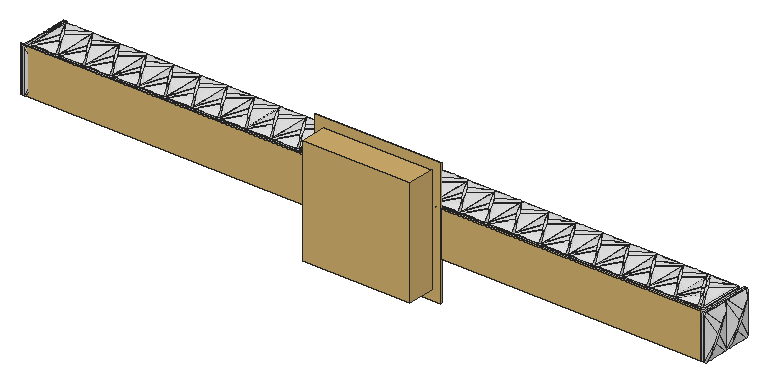
Revit family "3-xx-xx - Elan Vanitie 03", category Lighting Fixtures, host Wall, Revit 2019
Family settings
  Host = Wall
  Round Connector Dimension = Use Diameter
  Part Type = Normal
  OmniClass Number = 23.80.70.00
  OmniClass Title = Lighting
  Always vertical = Yes
  Cut with Voids When Loaded = No
  Light Source = Yes
  Shared = No
  Room Calculation Point = No
Parameters (values of type "3-xx-40 / Aged Brass - Matte White Acrylic")
  Wattage Comments = "1 x 24.12 W at 120 V"  # constant formula
  Wattage = 24.12 W
  built-in parameter 1150110 = 1 (stored number, unit not read)
  Voltage Input = "120 V or 277 V - 50/60 Hz"  # constant formula
  Voltage = 120 V
  URL = "www.oxygenlighting.com"
  built-in parameter 1114217 = 1 (stored number, unit not read)
  Tilt Angle = 0.00°  # constant formula
  built-in parameter 1150109 = 1 (stored number, unit not read)
  built-in parameter 1150134 = (empty or 0)
  built-in parameter 1150113 = 1 (stored number, unit not read)
  References = "Ref. 3 = 120 V / Ref. 37 = 277 V"  # constant formula
  Photometric Web File = "3-574-15 Elan.ies"
  Model = "3-xx-xx / Elan"  # constant formula
  Metal Finish = 40 - Aged Brass
  Manufacturer = "Oxygen Lighting and Fans"  # constant formula
  Lumens = 1726.99 lm
  built-in parameter 1150115 = 1 (stored number, unit not read)
  built-in parameter 1150105 = 137.43 (stored number, unit not read)
  built-in parameter 1150137 = (empty or 0)
  built-in parameter 1150139 = (empty or 0)
  built-in parameter 1150112 = 1 (stored number, unit not read)
  built-in parameter 1150114 = 1 (stored number, unit not read)
  Lamp = "LED Array"  # constant formula
  built-in parameter 1150132 = (empty or 0)
  built-in parameter 1150102 = (empty or 0)
  built-in parameter 1150138 = (empty or 0)
  built-in parameter 1150107 = 3000 (stored number, unit not read)
  built-in parameter 1150106 = 1.3743 (stored number, unit not read)
  built-in parameter 1150104 = 6.6519 (stored number, unit not read)
  Dimming Lamp Color Temperature Shift = <None>
  Diffusers = Matte White Acrylic
  Color Filter = 16777215
  built-in parameter 1114218 = 1 (stored number, unit not read)
  built-in parameter 1150133 = 10 (stored number, unit not read)
Reference planes (in)
  plane 1: y = 0
  plane 2 "Light Source Axis (L/R)": x = 4.92126
  plane 3 "Light Source Axis (F/R)": y = 4.79776
  plane 4 "Light Source Elevation": z = 39
  plane 5: y = 2.95276
  plane 6: z = 41.75
Text (in)
  text "Placement side" at (-70.3598, 43.96769, 0), in view "Ref. Level"
  text "Placement side" at (0, 83.08644, 117.56134), in view "Left"
  text "Placement side" at (0, 24.74324, 118.58137), in view "Right"
Dimensions and locks (in)
  locked: plane 3 "Light Source Axis (F/R)" to plane 5 at 1.845
  locked: plane 6 to plane 4 "Light Source Elevation" at 2.75
  aligned and locked: plane 1 to host wall
  aligned and locked: plane 2 "Light Source Axis (L/R)" to imposter light
  aligned and locked: plane 5 to host wall
  aligned and locked: plane 5 to nested 1
  aligned and locked: plane 6 to imposter light
  aligned and locked: plane 3 "Light Source Axis (F/R)" to imposter light
  aligned and locked: nested 1 to plane 4 "Light Source Elevation"
Nested families (in)
  nested 1: "Family2" at (4.92126, 2.95276, 41.75591) x (-1, 0, 0) z (0, 0, 1), type "Family2"
Definition of nested family "Family2"
  Parameters (values of type "Family2")
    Metal Finish 2 = none
    Metal Finish 1 = none
    Height = 10.00"
    Diffuser = none
  Reference planes (in)
    plane 1 "Center (Front/Back)": y = 0
    plane 2: z = 0
    plane 3 "Center (Left/Right)": x = 0
  Forms (in)
    Extrusion 1, solid, material <- "Metal Finish 1"
      sketch origin (0, 0, 0) x (1, 0, 0) y (0, 0, 1)
        loop
          line (-2.75591, 2.75591) -> (-2.75591, -2.75591) -> (2.75591, -2.75591) -> (2.75591, 2.75591) -> (-2.75591, 2.75591)
      from 1.22 to 1.18
    Extrusion 2, solid, material <- "Metal Finish 1"
      sketch origin (0, 0, 0) x (1, 0, 0) y (0, 0, 1)
        loop
          line (-2.3622, 2.3622) -> (-2.3622, -2.3622) -> (2.3622, -2.3622) -> (2.3622, 2.3622) -> (-2.3622, 2.3622)
      from 0 to 1.18
    Blend 3, solid, material <- "Diffuser"
      base sketch origin (-7.08661, 0, 0) x (1, 0, 0) y (0, 0, 1)
        loop
          arc (-5.90551, 0.90551) -> (-5.92857, 0.96119) -> (-5.98425, 0.98425) r 0.07874
          line (-5.98425, 0.98425) -> (-7.00787, 0.98425)
          arc (-7.00787, 0.98425) -> (-7.06355, 0.96119) -> (-7.08661, 0.90551) r 0.07874
          line (-7.08661, 0.90551) -> (-7.08661, -0.90551)
          arc (-7.08661, -0.90551) -> (-7.06355, -0.96119) -> (-7.00787, -0.98425) r 0.07874
          line (-7.00787, -0.98425) -> (-5.98425, -0.98425)
          arc (-5.98425, -0.98425) -> (-5.92857, -0.96119) -> (-5.90551, -0.90551) r 0.07874
          line (-5.90551, -0.90551) -> (-5.90551, 0.90551)
      top sketch origin (-7.08661, 0, 0) x (1, 0, 0) y (0, 0, 1)
        loop
          line (-6.89899, 0.68245) -> (-6.71635, 0.29079) -> (-6.53621, -0.05852) -> (-6.35588, -0.33357) -> (-6.0667, -0.72725) -> (-6.27171, -0.28388) -> (-6.43166, 0.00863) -> (-6.64427, 0.33334) -> (-6.89899, 0.68245)
      from 3.31463 to 3.45242
    Extrusion 4, solid, material <- "Diffuser"
      sketch origin (-7.08661, 0, 0) x (1, 0, 0) y (0, 0, 1)
        loop
          arc (-5.90551, 0.90551) -> (-5.92857, 0.96119) -> (-5.98425, 0.98425) r 0.07874
          line (-5.98425, 0.98425) -> (-7.00787, 0.98425)
          arc (-7.00787, 0.98425) -> (-7.06355, 0.96119) -> (-7.08661, 0.90551) r 0.07874
          line (-7.08661, 0.90551) -> (-7.08661, -0.90551)
          arc (-7.08661, -0.90551) -> (-7.06355, -0.96119) -> (-7.00787, -0.98425) r 0.07874
          line (-7.00787, -0.98425) -> (-5.98425, -0.98425)
          arc (-5.98425, -0.98425) -> (-5.92857, -0.96119) -> (-5.90551, -0.90551) r 0.07874
          line (-5.90551, -0.90551) -> (-5.90551, 0.90551)
      from 3.25557 to 3.31463
    Blend 5, solid, material <- "Diffuser"
      base sketch origin (1.1811, 0, 0) x (1, 0, 0) y (0, 0, 1)
        loop
          arc (-5.90551, 0.90551) -> (-5.92857, 0.96119) -> (-5.98425, 0.98425) r 0.07874
          line (-5.98425, 0.98425) -> (-7.00787, 0.98425)
          arc (-7.00787, 0.98425) -> (-7.06355, 0.96119) -> (-7.08661, 0.90551) r 0.07874
          line (-7.08661, 0.90551) -> (-7.08661, -0.90551)
          arc (-7.08661, -0.90551) -> (-7.06355, -0.96119) -> (-7.00787, -0.98425) r 0.07874
          line (-7.00787, -0.98425) -> (-5.98425, -0.98425)
          arc (-5.98425, -0.98425) -> (-5.92857, -0.96119) -> (-5.90551, -0.90551) r 0.07874
          line (-5.90551, -0.90551) -> (-5.90551, 0.90551)
      top sketch origin (1.1811, 0, 0) x (1, 0, 0) y (0, 0, 1)
        loop
          line (-6.89899, 0.68245) -> (-6.71635, 0.29079) -> (-6.53621, -0.05852) -> (-6.35588, -0.33357) -> (-6.0667, -0.72725) -> (-6.27171, -0.28388) -> (-6.43166, 0.00863) -> (-6.64427, 0.33334) -> (-6.89899, 0.68245)
      from 3.31463 to 3.45242
    Extrusion 6, solid, material <- "Diffuser"
      sketch origin (1.1811, 0, 0) x (1, 0, 0) y (0, 0, 1)
        loop
          arc (-5.90551, 0.90551) -> (-5.92857, 0.96119) -> (-5.98425, 0.98425) r 0.07874
          line (-5.98425, 0.98425) -> (-7.00787, 0.98425)
          arc (-7.00787, 0.98425) -> (-7.06355, 0.96119) -> (-7.08661, 0.90551) r 0.07874
          line (-7.08661, 0.90551) -> (-7.08661, -0.90551)
          arc (-7.08661, -0.90551) -> (-7.06355, -0.96119) -> (-7.00787, -0.98425) r 0.07874
          line (-7.00787, -0.98425) -> (-5.98425, -0.98425)
          arc (-5.98425, -0.98425) -> (-5.92857, -0.96119) -> (-5.90551, -0.90551) r 0.07874
          line (-5.90551, -0.90551) -> (-5.90551, 0.90551)
      from 3.25557 to 3.31463
    Blend 7, solid, material <- "Diffuser"
      base sketch origin (2.3622, 0, 0) x (1, 0, 0) y (0, 0, 1)
        loop
          arc (-5.90551, 0.90551) -> (-5.92857, 0.96119) -> (-5.98425, 0.98425) r 0.07874
          line (-5.98425, 0.98425) -> (-7.00787, 0.98425)
          arc (-7.00787, 0.98425) -> (-7.06355, 0.96119) -> (-7.08661, 0.90551) r 0.07874
          line (-7.08661, 0.90551) -> (-7.08661, -0.90551)
          arc (-7.08661, -0.90551) -> (-7.06355, -0.96119) -> (-7.00787, -0.98425) r 0.07874
          line (-7.00787, -0.98425) -> (-5.98425, -0.98425)
          arc (-5.98425, -0.98425) -> (-5.92857, -0.96119) -> (-5.90551, -0.90551) r 0.07874
          line (-5.90551, -0.90551) -> (-5.90551, 0.90551)
      top sketch origin (2.3622, 0, 0) x (1, 0, 0) y (0, 0, 1)
        loop
          line (-6.89899, 0.68245) -> (-6.71635, 0.29079) -> (-6.53621, -0.05852) -> (-6.35588, -0.33357) -> (-6.0667, -0.72725) -> (-6.27171, -0.28388) -> (-6.43166, 0.00863) -> (-6.64427, 0.33334) -> (-6.89899, 0.68245)
      from 3.31463 to 3.45242
    Extrusion 8, solid, material <- "Diffuser"
      sketch origin (2.3622, 0, 0) x (1, 0, 0) y (0, 0, 1)
        loop
          arc (-5.90551, 0.90551) -> (-5.92857, 0.96119) -> (-5.98425, 0.98425) r 0.07874
          line (-5.98425, 0.98425) -> (-7.00787, 0.98425)
          arc (-7.00787, 0.98425) -> (-7.06355, 0.96119) -> (-7.08661, 0.90551) r 0.07874
          line (-7.08661, 0.90551) -> (-7.08661, -0.90551)
          arc (-7.08661, -0.90551) -> (-7.06355, -0.96119) -> (-7.00787, -0.98425) r 0.07874
          line (-7.00787, -0.98425) -> (-5.98425, -0.98425)
          arc (-5.98425, -0.98425) -> (-5.92857, -0.96119) -> (-5.90551, -0.90551) r 0.07874
          line (-5.90551, -0.90551) -> (-5.90551, 0.90551)
      from 3.25557 to 3.31463
    Blend 9, solid, material <- "Diffuser"
      base sketch origin (3.54331, 0, 0) x (1, 0, 0) y (0, 0, 1)
        loop
          arc (-5.90551, 0.90551) -> (-5.92857, 0.96119) -> (-5.98425, 0.98425) r 0.07874
          line (-5.98425, 0.98425) -> (-7.00787, 0.98425)
          arc (-7.00787, 0.98425) -> (-7.06355, 0.96119) -> (-7.08661, 0.90551) r 0.07874
          line (-7.08661, 0.90551) -> (-7.08661, -0.90551)
          arc (-7.08661, -0.90551) -> (-7.06355, -0.96119) -> (-7.00787, -0.98425) r 0.07874
          line (-7.00787, -0.98425) -> (-5.98425, -0.98425)
          arc (-5.98425, -0.98425) -> (-5.92857, -0.96119) -> (-5.90551, -0.90551) r 0.07874
          line (-5.90551, -0.90551) -> (-5.90551, 0.90551)
      top sketch origin (3.54331, 0, 0) x (1, 0, 0) y (0, 0, 1)
        loop
          line (-6.89899, 0.68245) -> (-6.71635, 0.29079) -> (-6.53621, -0.05852) -> (-6.35588, -0.33357) -> (-6.0667, -0.72725) -> (-6.27171, -0.28388) -> (-6.43166, 0.00863) -> (-6.64427, 0.33334) -> (-6.89899, 0.68245)
      from 3.31463 to 3.45242
    Extrusion 10, solid, material <- "Diffuser"
      sketch origin (3.54331, 0, 0) x (1, 0, 0) y (0, 0, 1)
        loop
          arc (-5.90551, 0.90551) -> (-5.92857, 0.96119) -> (-5.98425, 0.98425) r 0.07874
          line (-5.98425, 0.98425) -> (-7.00787, 0.98425)
          arc (-7.00787, 0.98425) -> (-7.06355, 0.96119) -> (-7.08661, 0.90551) r 0.07874
          line (-7.08661, 0.90551) -> (-7.08661, -0.90551)
          arc (-7.08661, -0.90551) -> (-7.06355, -0.96119) -> (-7.00787, -0.98425) r 0.07874
          line (-7.00787, -0.98425) -> (-5.98425, -0.98425)
          arc (-5.98425, -0.98425) -> (-5.92857, -0.96119) -> (-5.90551, -0.90551) r 0.07874
          line (-5.90551, -0.90551) -> (-5.90551, 0.90551)
      from 3.25557 to 3.31463
    Blend 11, solid, material <- "Diffuser"
      base sketch origin (4.72441, 0, 0) x (1, 0, 0) y (0, 0, 1)
        loop
          arc (-5.90551, 0.90551) -> (-5.92857, 0.96119) -> (-5.98425, 0.98425) r 0.07874
          line (-5.98425, 0.98425) -> (-7.00787, 0.98425)
          arc (-7.00787, 0.98425) -> (-7.06355, 0.96119) -> (-7.08661, 0.90551) r 0.07874
          line (-7.08661, 0.90551) -> (-7.08661, -0.90551)
          arc (-7.08661, -0.90551) -> (-7.06355, -0.96119) -> (-7.00787, -0.98425) r 0.07874
          line (-7.00787, -0.98425) -> (-5.98425, -0.98425)
          arc (-5.98425, -0.98425) -> (-5.92857, -0.96119) -> (-5.90551, -0.90551) r 0.07874
          line (-5.90551, -0.90551) -> (-5.90551, 0.90551)
      top sketch origin (4.72441, 0, 0) x (1, 0, 0) y (0, 0, 1)
        loop
          line (-6.89899, 0.68245) -> (-6.71635, 0.29079) -> (-6.53621, -0.05852) -> (-6.35588, -0.33357) -> (-6.0667, -0.72725) -> (-6.27171, -0.28388) -> (-6.43166, 0.00863) -> (-6.64427, 0.33334) -> (-6.89899, 0.68245)
      from 3.31463 to 3.45242
    Extrusion 12, solid, material <- "Diffuser"
      sketch origin (4.72441, 0, 0) x (1, 0, 0) y (0, 0, 1)
        loop
          arc (-5.90551, 0.90551) -> (-5.92857, 0.96119) -> (-5.98425, 0.98425) r 0.07874
          line (-5.98425, 0.98425) -> (-7.00787, 0.98425)
          arc (-7.00787, 0.98425) -> (-7.06355, 0.96119) -> (-7.08661, 0.90551) r 0.07874
          line (-7.08661, 0.90551) -> (-7.08661, -0.90551)
          arc (-7.08661, -0.90551) -> (-7.06355, -0.96119) -> (-7.00787, -0.98425) r 0.07874
          line (-7.00787, -0.98425) -> (-5.98425, -0.98425)
          arc (-5.98425, -0.98425) -> (-5.92857, -0.96119) -> (-5.90551, -0.90551) r 0.07874
          line (-5.90551, -0.90551) -> (-5.90551, 0.90551)
      from 3.25557 to 3.31463
    Blend 13, solid, material <- "Diffuser"
      base sketch origin (5.90551, 0, 0) x (1, 0, 0) y (0, 0, 1)
        loop
          arc (-5.90551, 0.90551) -> (-5.92857, 0.96119) -> (-5.98425, 0.98425) r 0.07874
          line (-5.98425, 0.98425) -> (-7.00787, 0.98425)
          arc (-7.00787, 0.98425) -> (-7.06355, 0.96119) -> (-7.08661, 0.90551) r 0.07874
          line (-7.08661, 0.90551) -> (-7.08661, -0.90551)
          arc (-7.08661, -0.90551) -> (-7.06355, -0.96119) -> (-7.00787, -0.98425) r 0.07874
          line (-7.00787, -0.98425) -> (-5.98425, -0.98425)
          arc (-5.98425, -0.98425) -> (-5.92857, -0.96119) -> (-5.90551, -0.90551) r 0.07874
          line (-5.90551, -0.90551) -> (-5.90551, 0.90551)
      top sketch origin (5.90551, 0, 0) x (1, 0, 0) y (0, 0, 1)
        loop
          line (-6.89899, 0.68245) -> (-6.71635, 0.29079) -> (-6.53621, -0.05852) -> (-6.35588, -0.33357) -> (-6.0667, -0.72725) -> (-6.27171, -0.28388) -> (-6.43166, 0.00863) -> (-6.64427, 0.33334) -> (-6.89899, 0.68245)
      from 3.31463 to 3.45242
    Extrusion 14, solid, material <- "Diffuser"
      sketch origin (5.90551, 0, 0) x (1, 0, 0) y (0, 0, 1)
        loop
          arc (-5.90551, 0.90551) -> (-5.92857, 0.96119) -> (-5.98425, 0.98425) r 0.07874
          line (-5.98425, 0.98425) -> (-7.00787, 0.98425)
          arc (-7.00787, 0.98425) -> (-7.06355, 0.96119) -> (-7.08661, 0.90551) r 0.07874
          line (-7.08661, 0.90551) -> (-7.08661, -0.90551)
          arc (-7.08661, -0.90551) -> (-7.06355, -0.96119) -> (-7.00787, -0.98425) r 0.07874
          line (-7.00787, -0.98425) -> (-5.98425, -0.98425)
          arc (-5.98425, -0.98425) -> (-5.92857, -0.96119) -> (-5.90551, -0.90551) r 0.07874
          line (-5.90551, -0.90551) -> (-5.90551, 0.90551)
      from 3.25557 to 3.31463
    Blend 15, solid, material <- "Diffuser"
      base sketch origin (7.08661, 0, 0) x (1, 0, 0) y (0, 0, 1)
        loop
          arc (-5.90551, 0.90551) -> (-5.92857, 0.96119) -> (-5.98425, 0.98425) r 0.07874
          line (-5.98425, 0.98425) -> (-7.00787, 0.98425)
          arc (-7.00787, 0.98425) -> (-7.06355, 0.96119) -> (-7.08661, 0.90551) r 0.07874
          line (-7.08661, 0.90551) -> (-7.08661, -0.90551)
          arc (-7.08661, -0.90551) -> (-7.06355, -0.96119) -> (-7.00787, -0.98425) r 0.07874
          line (-7.00787, -0.98425) -> (-5.98425, -0.98425)
          arc (-5.98425, -0.98425) -> (-5.92857, -0.96119) -> (-5.90551, -0.90551) r 0.07874
          line (-5.90551, -0.90551) -> (-5.90551, 0.90551)
      top sketch origin (7.08661, 0, 0) x (1, 0, 0) y (0, 0, 1)
        loop
          line (-6.89899, 0.68245) -> (-6.71635, 0.29079) -> (-6.53621, -0.05852) -> (-6.35588, -0.33357) -> (-6.0667, -0.72725) -> (-6.27171, -0.28388) -> (-6.43166, 0.00863) -> (-6.64427, 0.33334) -> (-6.89899, 0.68245)
      from 3.31463 to 3.45242
    Extrusion 16, solid, material <- "Diffuser"
      sketch origin (7.08661, 0, 0) x (1, 0, 0) y (0, 0, 1)
        loop
          arc (-5.90551, 0.90551) -> (-5.92857, 0.96119) -> (-5.98425, 0.98425) r 0.07874
          line (-5.98425, 0.98425) -> (-7.00787, 0.98425)
          arc (-7.00787, 0.98425) -> (-7.06355, 0.96119) -> (-7.08661, 0.90551) r 0.07874
          line (-7.08661, 0.90551) -> (-7.08661, -0.90551)
          arc (-7.08661, -0.90551) -> (-7.06355, -0.96119) -> (-7.00787, -0.98425) r 0.07874
          line (-7.00787, -0.98425) -> (-5.98425, -0.98425)
          arc (-5.98425, -0.98425) -> (-5.92857, -0.96119) -> (-5.90551, -0.90551) r 0.07874
          line (-5.90551, -0.90551) -> (-5.90551, 0.90551)
      from 3.25557 to 3.31463
    Blend 17, solid, material <- "Diffuser"
      base sketch origin (8.26772, 0, 0) x (1, 0, 0) y (0, 0, 1)
        loop
          arc (-5.90551, 0.90551) -> (-5.92857, 0.96119) -> (-5.98425, 0.98425) r 0.07874
          line (-5.98425, 0.98425) -> (-7.00787, 0.98425)
          arc (-7.00787, 0.98425) -> (-7.06355, 0.96119) -> (-7.08661, 0.90551) r 0.07874
          line (-7.08661, 0.90551) -> (-7.08661, -0.90551)
          arc (-7.08661, -0.90551) -> (-7.06355, -0.96119) -> (-7.00787, -0.98425) r 0.07874
          line (-7.00787, -0.98425) -> (-5.98425, -0.98425)
          arc (-5.98425, -0.98425) -> (-5.92857, -0.96119) -> (-5.90551, -0.90551) r 0.07874
          line (-5.90551, -0.90551) -> (-5.90551, 0.90551)
      top sketch origin (8.26772, 0, 0) x (1, 0, 0) y (0, 0, 1)
        loop
          line (-6.89899, 0.68245) -> (-6.71635, 0.29079) -> (-6.53621, -0.05852) -> (-6.35588, -0.33357) -> (-6.0667, -0.72725) -> (-6.27171, -0.28388) -> (-6.43166, 0.00863) -> (-6.64427, 0.33334) -> (-6.89899, 0.68245)
      from 3.31463 to 3.45242
    Extrusion 18, solid, material <- "Diffuser"
      sketch origin (8.26772, 0, 0) x (1, 0, 0) y (0, 0, 1)
        loop
          arc (-5.90551, 0.90551) -> (-5.92857, 0.96119) -> (-5.98425, 0.98425) r 0.07874
          line (-5.98425, 0.98425) -> (-7.00787, 0.98425)
          arc (-7.00787, 0.98425) -> (-7.06355, 0.96119) -> (-7.08661, 0.90551) r 0.07874
          line (-7.08661, 0.90551) -> (-7.08661, -0.90551)
          arc (-7.08661, -0.90551) -> (-7.06355, -0.96119) -> (-7.00787, -0.98425) r 0.07874
          line (-7.00787, -0.98425) -> (-5.98425, -0.98425)
          arc (-5.98425, -0.98425) -> (-5.92857, -0.96119) -> (-5.90551, -0.90551) r 0.07874
          line (-5.90551, -0.90551) -> (-5.90551, 0.90551)
      from 3.25557 to 3.31463
    Blend 19, solid, material <- "Diffuser"
      base sketch origin (9.44882, 0, 0) x (1, 0, 0) y (0, 0, 1)
        loop
          arc (-5.90551, 0.90551) -> (-5.92857, 0.96119) -> (-5.98425, 0.98425) r 0.07874
          line (-5.98425, 0.98425) -> (-7.00787, 0.98425)
          arc (-7.00787, 0.98425) -> (-7.06355, 0.96119) -> (-7.08661, 0.90551) r 0.07874
          line (-7.08661, 0.90551) -> (-7.08661, -0.90551)
          arc (-7.08661, -0.90551) -> (-7.06355, -0.96119) -> (-7.00787, -0.98425) r 0.07874
          line (-7.00787, -0.98425) -> (-5.98425, -0.98425)
          arc (-5.98425, -0.98425) -> (-5.92857, -0.96119) -> (-5.90551, -0.90551) r 0.07874
          line (-5.90551, -0.90551) -> (-5.90551, 0.90551)
      top sketch origin (9.44882, 0, 0) x (1, 0, 0) y (0, 0, 1)
        loop
          line (-6.89899, 0.68245) -> (-6.71635, 0.29079) -> (-6.53621, -0.05852) -> (-6.35588, -0.33357) -> (-6.0667, -0.72725) -> (-6.27171, -0.28388) -> (-6.43166, 0.00863) -> (-6.64427, 0.33334) -> (-6.89899, 0.68245)
      from 3.31463 to 3.45242
    Extrusion 20, solid, material <- "Diffuser"
      sketch origin (9.44882, 0, 0) x (1, 0, 0) y (0, 0, 1)
        loop
          arc (-5.90551, 0.90551) -> (-5.92857, 0.96119) -> (-5.98425, 0.98425) r 0.07874
          line (-5.98425, 0.98425) -> (-7.00787, 0.98425)
          arc (-7.00787, 0.98425) -> (-7.06355, 0.96119) -> (-7.08661, 0.90551) r 0.07874
          line (-7.08661, 0.90551) -> (-7.08661, -0.90551)
          arc (-7.08661, -0.90551) -> (-7.06355, -0.96119) -> (-7.00787, -0.98425) r 0.07874
          line (-7.00787, -0.98425) -> (-5.98425, -0.98425)
          arc (-5.98425, -0.98425) -> (-5.92857, -0.96119) -> (-5.90551, -0.90551) r 0.07874
          line (-5.90551, -0.90551) -> (-5.90551, 0.90551)
      from 3.25557 to 3.31463
    Blend 21, solid, material <- "Diffuser"
      base sketch origin (10.62992, 0, 0) x (1, 0, 0) y (0, 0, 1)
        loop
          arc (-5.90551, 0.90551) -> (-5.92857, 0.96119) -> (-5.98425, 0.98425) r 0.07874
          line (-5.98425, 0.98425) -> (-7.00787, 0.98425)
          arc (-7.00787, 0.98425) -> (-7.06355, 0.96119) -> (-7.08661, 0.90551) r 0.07874
          line (-7.08661, 0.90551) -> (-7.08661, -0.90551)
          arc (-7.08661, -0.90551) -> (-7.06355, -0.96119) -> (-7.00787, -0.98425) r 0.07874
          line (-7.00787, -0.98425) -> (-5.98425, -0.98425)
          arc (-5.98425, -0.98425) -> (-5.92857, -0.96119) -> (-5.90551, -0.90551) r 0.07874
          line (-5.90551, -0.90551) -> (-5.90551, 0.90551)
      top sketch origin (10.62992, 0, 0) x (1, 0, 0) y (0, 0, 1)
        loop
          line (-6.89899, 0.68245) -> (-6.71635, 0.29079) -> (-6.53621, -0.05852) -> (-6.35588, -0.33357) -> (-6.0667, -0.72725) -> (-6.27171, -0.28388) -> (-6.43166, 0.00863) -> (-6.64427, 0.33334) -> (-6.89899, 0.68245)
      from 3.31463 to 3.45242
    Extrusion 22, solid, material <- "Diffuser"
      sketch origin (10.62992, 0, 0) x (1, 0, 0) y (0, 0, 1)
        loop
          arc (-5.90551, 0.90551) -> (-5.92857, 0.96119) -> (-5.98425, 0.98425) r 0.07874
          line (-5.98425, 0.98425) -> (-7.00787, 0.98425)
          arc (-7.00787, 0.98425) -> (-7.06355, 0.96119) -> (-7.08661, 0.90551) r 0.07874
          line (-7.08661, 0.90551) -> (-7.08661, -0.90551)
          arc (-7.08661, -0.90551) -> (-7.06355, -0.96119) -> (-7.00787, -0.98425) r 0.07874
          line (-7.00787, -0.98425) -> (-5.98425, -0.98425)
          arc (-5.98425, -0.98425) -> (-5.92857, -0.96119) -> (-5.90551, -0.90551) r 0.07874
          line (-5.90551, -0.90551) -> (-5.90551, 0.90551)
      from 3.25557 to 3.31463
    Blend 23, solid, material <- "Diffuser"
      base sketch origin (11.81102, 0, 0) x (1, 0, 0) y (0, 0, 1)
        loop
          arc (-5.90551, 0.90551) -> (-5.92857, 0.96119) -> (-5.98425, 0.98425) r 0.07874
          line (-5.98425, 0.98425) -> (-7.00787, 0.98425)
          arc (-7.00787, 0.98425) -> (-7.06355, 0.96119) -> (-7.08661, 0.90551) r 0.07874
          line (-7.08661, 0.90551) -> (-7.08661, -0.90551)
          arc (-7.08661, -0.90551) -> (-7.06355, -0.96119) -> (-7.00787, -0.98425) r 0.07874
          line (-7.00787, -0.98425) -> (-5.98425, -0.98425)
          arc (-5.98425, -0.98425) -> (-5.92857, -0.96119) -> (-5.90551, -0.90551) r 0.07874
          line (-5.90551, -0.90551) -> (-5.90551, 0.90551)
      top sketch origin (11.81102, 0, 0) x (1, 0, 0) y (0, 0, 1)
        loop
          line (-6.89899, 0.68245) -> (-6.71635, 0.29079) -> (-6.53621, -0.05852) -> (-6.35588, -0.33357) -> (-6.0667, -0.72725) -> (-6.27171, -0.28388) -> (-6.43166, 0.00863) -> (-6.64427, 0.33334) -> (-6.89899, 0.68245)
      from 3.31463 to 3.45242
    Extrusion 24, solid, material <- "Diffuser"
      sketch origin (11.81102, 0, 0) x (1, 0, 0) y (0, 0, 1)
        loop
          arc (-5.90551, 0.90551) -> (-5.92857, 0.96119) -> (-5.98425, 0.98425) r 0.07874
          line (-5.98425, 0.98425) -> (-7.00787, 0.98425)
          arc (-7.00787, 0.98425) -> (-7.06355, 0.96119) -> (-7.08661, 0.90551) r 0.07874
          line (-7.08661, 0.90551) -> (-7.08661, -0.90551)
          arc (-7.08661, -0.90551) -> (-7.06355, -0.96119) -> (-7.00787, -0.98425) r 0.07874
          line (-7.00787, -0.98425) -> (-5.98425, -0.98425)
          arc (-5.98425, -0.98425) -> (-5.92857, -0.96119) -> (-5.90551, -0.90551) r 0.07874
          line (-5.90551, -0.90551) -> (-5.90551, 0.90551)
      from 3.25557 to 3.31463
    Blend 25, solid, material <- "Diffuser"
      base sketch origin (21.1811, 0, 0) x (1, 0, 0) y (0, 0, 1)
        loop
          arc (-5.90551, 0.90551) -> (-5.92857, 0.96119) -> (-5.98425, 0.98425) r 0.07874
          line (-5.98425, 0.98425) -> (-7.00787, 0.98425)
          arc (-7.00787, 0.98425) -> (-7.06355, 0.96119) -> (-7.08661, 0.90551) r 0.07874
          line (-7.08661, 0.90551) -> (-7.08661, -0.90551)
          arc (-7.08661, -0.90551) -> (-7.06355, -0.96119) -> (-7.00787, -0.98425) r 0.07874
          line (-7.00787, -0.98425) -> (-5.98425, -0.98425)
          arc (-5.98425, -0.98425) -> (-5.92857, -0.96119) -> (-5.90551, -0.90551) r 0.07874
          line (-5.90551, -0.90551) -> (-5.90551, 0.90551)
      top sketch origin (21.1811, 0, 0) x (1, 0, 0) y (0, 0, 1)
        loop
          line (-6.89899, 0.68245) -> (-6.71635, 0.29079) -> (-6.53621, -0.05852) -> (-6.35588, -0.33357) -> (-6.0667, -0.72725) -> (-6.27171, -0.28388) -> (-6.43166, 0.00863) -> (-6.64427, 0.33334) -> (-6.89899, 0.68245)
      from 3.31463 to 3.45242
    Blend 26, solid, material <- "Diffuser"
      base sketch origin (12.2275, 3.65083, 0) x (0, 1, 0) y (0, 0, 1)
        loop
          arc (-5.90551, 0.90551) -> (-5.92857, 0.96119) -> (-5.98425, 0.98425) r 0.07874
          line (-5.98425, 0.98425) -> (-7.00787, 0.98425)
          arc (-7.00787, 0.98425) -> (-7.06355, 0.96119) -> (-7.08661, 0.90551) r 0.07874
          line (-7.08661, 0.90551) -> (-7.08661, -0.90551)
          arc (-7.08661, -0.90551) -> (-7.06355, -0.96119) -> (-7.00787, -0.98425) r 0.07874
          line (-7.00787, -0.98425) -> (-5.98425, -0.98425)
          arc (-5.98425, -0.98425) -> (-5.92857, -0.96119) -> (-5.90551, -0.90551) r 0.07874
          line (-5.90551, -0.90551) -> (-5.90551, 0.90551)
      top sketch origin (12.2275, 3.65083, 0) x (0, 1, 0) y (0, 0, 1)
        loop
          line (-6.89899, 0.68245) -> (-6.71635, 0.29079) -> (-6.53621, -0.05852) -> (-6.35588, -0.33357) -> (-6.0667, -0.72725) -> (-6.27171, -0.28388) -> (-6.43166, 0.00863) -> (-6.64427, 0.33334) -> (-6.89899, 0.68245)
      from 3.31463 to 3.45242
    Blend 27, solid, material <- "Diffuser"
      base sketch origin (12.2275, 4.83194, 0) x (0, 1, 0) y (0, 0, 1)
        loop
          arc (-5.90551, 0.90551) -> (-5.92857, 0.96119) -> (-5.98425, 0.98425) r 0.07874
          line (-5.98425, 0.98425) -> (-7.00787, 0.98425)
          arc (-7.00787, 0.98425) -> (-7.06355, 0.96119) -> (-7.08661, 0.90551) r 0.07874
          line (-7.08661, 0.90551) -> (-7.08661, -0.90551)
          arc (-7.08661, -0.90551) -> (-7.06355, -0.96119) -> (-7.00787, -0.98425) r 0.07874
          line (-7.00787, -0.98425) -> (-5.98425, -0.98425)
          arc (-5.98425, -0.98425) -> (-5.92857, -0.96119) -> (-5.90551, -0.90551) r 0.07874
          line (-5.90551, -0.90551) -> (-5.90551, 0.90551)
      top sketch origin (12.2275, 4.83194, 0) x (0, 1, 0) y (0, 0, 1)
        loop
          line (-6.89899, 0.68245) -> (-6.71635, 0.29079) -> (-6.53621, -0.05852) -> (-6.35588, -0.33357) -> (-6.0667, -0.72725) -> (-6.27171, -0.28388) -> (-6.43166, 0.00863) -> (-6.64427, 0.33334) -> (-6.89899, 0.68245)
      from 3.31463 to 3.45242
    Extrusion 28, solid, material <- "Diffuser"
      sketch origin (12.2275, 3.65083, 0) x (0, 1, 0) y (0, 0, 1)
        loop
          arc (-5.90551, 0.90551) -> (-5.92857, 0.96119) -> (-5.98425, 0.98425) r 0.07874
          line (-5.98425, 0.98425) -> (-7.00787, 0.98425)
          arc (-7.00787, 0.98425) -> (-7.06355, 0.96119) -> (-7.08661, 0.90551) r 0.07874
          line (-7.08661, 0.90551) -> (-7.08661, -0.90551)
          arc (-7.08661, -0.90551) -> (-7.06355, -0.96119) -> (-7.00787, -0.98425) r 0.07874
          line (-7.00787, -0.98425) -> (-5.98425, -0.98425)
          arc (-5.98425, -0.98425) -> (-5.92857, -0.96119) -> (-5.90551, -0.90551) r 0.07874
          line (-5.90551, -0.90551) -> (-5.90551, 0.90551)
      from 3.25557 to 3.31463
    Extrusion 29, solid, material <- "Diffuser"
      sketch origin (12.2275, 4.83194, 0) x (0, 1, 0) y (0, 0, 1)
        loop
          arc (-5.90551, 0.90551) -> (-5.92857, 0.96119) -> (-5.98425, 0.98425) r 0.07874
          line (-5.98425, 0.98425) -> (-7.00787, 0.98425)
          arc (-7.00787, 0.98425) -> (-7.06355, 0.96119) -> (-7.08661, 0.90551) r 0.07874
          line (-7.08661, 0.90551) -> (-7.08661, -0.90551)
          arc (-7.08661, -0.90551) -> (-7.06355, -0.96119) -> (-7.00787, -0.98425) r 0.07874
          line (-7.00787, -0.98425) -> (-5.98425, -0.98425)
          arc (-5.98425, -0.98425) -> (-5.92857, -0.96119) -> (-5.90551, -0.90551) r 0.07874
          line (-5.90551, -0.90551) -> (-5.90551, 0.90551)
      from 3.25557 to 3.31463
    Blend 30, solid, material <- "Diffuser"
      base sketch origin (18.71632, 3.65083, 0) x (0, 1, 0) y (0, 0, -1)
        loop
          line (-5.90551, -0.90551) -> (-5.90551, 0.90551)
          arc (-5.90551, 0.90551) -> (-5.92857, 0.96119) -> (-5.98425, 0.98425) r 0.07874
          line (-5.98425, 0.98425) -> (-7.00787, 0.98425)
          arc (-7.00787, 0.98425) -> (-7.06355, 0.96119) -> (-7.08661, 0.90551) r 0.07874
          line (-7.08661, 0.90551) -> (-7.08661, -0.90551)
          arc (-7.08661, -0.90551) -> (-7.06355, -0.96119) -> (-7.00787, -0.98425) r 0.07874
          line (-7.00787, -0.98425) -> (-5.98425, -0.98425)
          arc (-5.98425, -0.98425) -> (-5.92857, -0.96119) -> (-5.90551, -0.90551) r 0.07874
      top sketch origin (18.71632, 3.65083, 0) x (0, 1, 0) y (0, 0, -1)
        loop
          line (-6.89899, -0.68245) -> (-6.64427, -0.33334) -> (-6.43166, -0.00863) -> (-6.27171, 0.28388) -> (-6.0667, 0.72725) -> (-6.35588, 0.33357) -> (-6.53621, 0.05852) -> (-6.71635, -0.29079) -> (-6.89899, -0.68245)
      from 3.31463 to 3.45242
    Blend 31, solid, material <- "Diffuser"
      base sketch origin (18.7134, 4.83194, 0) x (0, 1, 0) y (0, 0, -1)
        loop
          line (-5.90551, -0.90551) -> (-5.90551, 0.90551)
          arc (-5.90551, 0.90551) -> (-5.92857, 0.96119) -> (-5.98425, 0.98425) r 0.07874
          line (-5.98425, 0.98425) -> (-7.00787, 0.98425)
          arc (-7.00787, 0.98425) -> (-7.06355, 0.96119) -> (-7.08661, 0.90551) r 0.07874
          line (-7.08661, 0.90551) -> (-7.08661, -0.90551)
          arc (-7.08661, -0.90551) -> (-7.06355, -0.96119) -> (-7.00787, -0.98425) r 0.07874
          line (-7.00787, -0.98425) -> (-5.98425, -0.98425)
          arc (-5.98425, -0.98425) -> (-5.92857, -0.96119) -> (-5.90551, -0.90551) r 0.07874
      top sketch origin (18.7134, 4.83194, 0) x (0, 1, 0) y (0, 0, -1)
        loop
          line (-6.89899, -0.68245) -> (-6.64427, -0.33334) -> (-6.43166, -0.00863) -> (-6.27171, 0.28388) -> (-6.0667, 0.72725) -> (-6.35588, 0.33357) -> (-6.53621, 0.05852) -> (-6.71635, -0.29079) -> (-6.89899, -0.68245)
      from 3.31463 to 3.45242
    Extrusion 32, solid, material <- "Diffuser"
      sketch origin (12.16845, 3.65083, 0) x (0, 1, 0) y (0, 0, 1)
        loop
          arc (-5.90551, 0.90551) -> (-5.92857, 0.96119) -> (-5.98425, 0.98425) r 0.07874
          line (-5.98425, 0.98425) -> (-7.00787, 0.98425)
          arc (-7.00787, 0.98425) -> (-7.06355, 0.96119) -> (-7.08661, 0.90551) r 0.07874
          line (-7.08661, 0.90551) -> (-7.08661, -0.90551)
          arc (-7.08661, -0.90551) -> (-7.06355, -0.96119) -> (-7.00787, -0.98425) r 0.07874
          line (-7.00787, -0.98425) -> (-5.98425, -0.98425)
          arc (-5.98425, -0.98425) -> (-5.92857, -0.96119) -> (-5.90551, -0.90551) r 0.07874
          line (-5.90551, -0.90551) -> (-5.90551, 0.90551)
      from 3.23616 to 3.31463
    Blend 33, solid, material <- "Diffuser"
      base sketch origin (-11.12514, 3.65083, 0) x (0, 1, 0) y (0, 0, -1)
        loop
          line (-5.90551, -0.90551) -> (-5.90551, 0.90551)
          arc (-5.90551, 0.90551) -> (-5.92857, 0.96119) -> (-5.98425, 0.98425) r 0.07874
          line (-5.98425, 0.98425) -> (-7.00787, 0.98425)
          arc (-7.00787, 0.98425) -> (-7.06355, 0.96119) -> (-7.08661, 0.90551) r 0.07874
          line (-7.08661, 0.90551) -> (-7.08661, -0.90551)
          arc (-7.08661, -0.90551) -> (-7.06355, -0.96119) -> (-7.00787, -0.98425) r 0.07874
          line (-7.00787, -0.98425) -> (-5.98425, -0.98425)
          arc (-5.98425, -0.98425) -> (-5.92857, -0.96119) -> (-5.90551, -0.90551) r 0.07874
      top sketch origin (-11.12514, 3.65083, 0) x (0, 1, 0) y (0, 0, -1)
        loop
          line (-6.89899, -0.68245) -> (-6.64427, -0.33334) -> (-6.43166, -0.00863) -> (-6.27171, 0.28388) -> (-6.0667, 0.72725) -> (-6.35588, 0.33357) -> (-6.53621, 0.05852) -> (-6.71635, -0.29079) -> (-6.89899, -0.68245)
      from 3.31463 to 3.45242
    Blend 34, solid, material <- "Diffuser"
      base sketch origin (-11.12514, 4.83194, 0) x (0, 1, 0) y (0, 0, -1)
        loop
          line (-5.90551, -0.90551) -> (-5.90551, 0.90551)
          arc (-5.90551, 0.90551) -> (-5.92857, 0.96119) -> (-5.98425, 0.98425) r 0.07874
          line (-5.98425, 0.98425) -> (-7.00787, 0.98425)
          arc (-7.00787, 0.98425) -> (-7.06355, 0.96119) -> (-7.08661, 0.90551) r 0.07874
          line (-7.08661, 0.90551) -> (-7.08661, -0.90551)
          arc (-7.08661, -0.90551) -> (-7.06355, -0.96119) -> (-7.00787, -0.98425) r 0.07874
          line (-7.00787, -0.98425) -> (-5.98425, -0.98425)
          arc (-5.98425, -0.98425) -> (-5.92857, -0.96119) -> (-5.90551, -0.90551) r 0.07874
      top sketch origin (-11.12514, 4.83194, 0) x (0, 1, 0) y (0, 0, -1)
        loop
          line (-6.89899, -0.68245) -> (-6.64427, -0.33334) -> (-6.43166, -0.00863) -> (-6.27171, 0.28388) -> (-6.0667, 0.72725) -> (-6.35588, 0.33357) -> (-6.53621, 0.05852) -> (-6.71635, -0.29079) -> (-6.89899, -0.68245)
      from 3.31463 to 3.45242
    Extrusion 35, solid, material <- "Diffuser"
      sketch origin (-11.12514, 3.65083, 0) x (0, 1, 0) y (0, 0, -1)
        loop
          line (-5.90551, -0.90551) -> (-5.90551, 0.90551)
          arc (-5.90551, 0.90551) -> (-5.92857, 0.96119) -> (-5.98425, 0.98425) r 0.07874
          line (-5.98425, 0.98425) -> (-7.00787, 0.98425)
          arc (-7.00787, 0.98425) -> (-7.06355, 0.96119) -> (-7.08661, 0.90551) r 0.07874
          line (-7.08661, 0.90551) -> (-7.08661, -0.90551)
          arc (-7.08661, -0.90551) -> (-7.06355, -0.96119) -> (-7.00787, -0.98425) r 0.07874
          line (-7.00787, -0.98425) -> (-5.98425, -0.98425)
          arc (-5.98425, -0.98425) -> (-5.92857, -0.96119) -> (-5.90551, -0.90551) r 0.07874
      from 3.25557 to 3.31463
    Extrusion 36, solid, material <- "Diffuser"
      sketch origin (-11.12514, 4.83194, 0) x (0, 1, 0) y (0, 0, -1)
        loop
          line (-5.90551, -0.90551) -> (-5.90551, 0.90551)
          arc (-5.90551, 0.90551) -> (-5.92857, 0.96119) -> (-5.98425, 0.98425) r 0.07874
          line (-5.98425, 0.98425) -> (-7.00787, 0.98425)
          arc (-7.00787, 0.98425) -> (-7.06355, 0.96119) -> (-7.08661, 0.90551) r 0.07874
          line (-7.08661, 0.90551) -> (-7.08661, -0.90551)
          arc (-7.08661, -0.90551) -> (-7.06355, -0.96119) -> (-7.00787, -0.98425) r 0.07874
          line (-7.00787, -0.98425) -> (-5.98425, -0.98425)
          arc (-5.98425, -0.98425) -> (-5.92857, -0.96119) -> (-5.90551, -0.90551) r 0.07874
      from 3.25557 to 3.31463
    Blend 37, solid, material <- "Diffuser"
      base sketch origin (-17.61396, 3.65083, 0) x (0, 1, 0) y (0, 0, 1)
        loop
          arc (-5.90551, 0.90551) -> (-5.92857, 0.96119) -> (-5.98425, 0.98425) r 0.07874
          line (-5.98425, 0.98425) -> (-7.00787, 0.98425)
          arc (-7.00787, 0.98425) -> (-7.06355, 0.96119) -> (-7.08661, 0.90551) r 0.07874
          line (-7.08661, 0.90551) -> (-7.08661, -0.90551)
          arc (-7.08661, -0.90551) -> (-7.06355, -0.96119) -> (-7.00787, -0.98425) r 0.07874
          line (-7.00787, -0.98425) -> (-5.98425, -0.98425)
          arc (-5.98425, -0.98425) -> (-5.92857, -0.96119) -> (-5.90551, -0.90551) r 0.07874
          line (-5.90551, -0.90551) -> (-5.90551, 0.90551)
      top sketch origin (-17.61396, 3.65083, 0) x (0, 1, 0) y (0, 0, 1)
        loop
          line (-6.89899, 0.68245) -> (-6.71635, 0.29079) -> (-6.53621, -0.05852) -> (-6.35588, -0.33357) -> (-6.0667, -0.72725) -> (-6.27171, -0.28388) -> (-6.43166, 0.00863) -> (-6.64427, 0.33334) -> (-6.89899, 0.68245)
      from 3.31463 to 3.45242
    Blend 38, solid, material <- "Diffuser"
      base sketch origin (-17.61104, 4.83194, 0) x (0, 1, 0) y (0, 0, 1)
        loop
          arc (-5.90551, 0.90551) -> (-5.92857, 0.96119) -> (-5.98425, 0.98425) r 0.07874
          line (-5.98425, 0.98425) -> (-7.00787, 0.98425)
          arc (-7.00787, 0.98425) -> (-7.06355, 0.96119) -> (-7.08661, 0.90551) r 0.07874
          line (-7.08661, 0.90551) -> (-7.08661, -0.90551)
          arc (-7.08661, -0.90551) -> (-7.06355, -0.96119) -> (-7.00787, -0.98425) r 0.07874
          line (-7.00787, -0.98425) -> (-5.98425, -0.98425)
          arc (-5.98425, -0.98425) -> (-5.92857, -0.96119) -> (-5.90551, -0.90551) r 0.07874
          line (-5.90551, -0.90551) -> (-5.90551, 0.90551)
      top sketch origin (-17.61104, 4.83194, 0) x (0, 1, 0) y (0, 0, 1)
        loop
          line (-6.89899, 0.68245) -> (-6.71635, 0.29079) -> (-6.53621, -0.05852) -> (-6.35588, -0.33357) -> (-6.0667, -0.72725) -> (-6.27171, -0.28388) -> (-6.43166, 0.00863) -> (-6.64427, 0.33334) -> (-6.89899, 0.68245)
      from 3.31463 to 3.45242
    Extrusion 39, solid, material <- "Diffuser"
      sketch origin (-11.06609, 3.65083, 0) x (0, 1, 0) y (0, 0, -1)
        loop
          line (-5.90551, -0.90551) -> (-5.90551, 0.90551)
          arc (-5.90551, 0.90551) -> (-5.92857, 0.96119) -> (-5.98425, 0.98425) r 0.07874
          line (-5.98425, 0.98425) -> (-7.00787, 0.98425)
          arc (-7.00787, 0.98425) -> (-7.06355, 0.96119) -> (-7.08661, 0.90551) r 0.07874
          line (-7.08661, 0.90551) -> (-7.08661, -0.90551)
          arc (-7.08661, -0.90551) -> (-7.06355, -0.96119) -> (-7.00787, -0.98425) r 0.07874
          line (-7.00787, -0.98425) -> (-5.98425, -0.98425)
          arc (-5.98425, -0.98425) -> (-5.92857, -0.96119) -> (-5.90551, -0.90551) r 0.07874
      from 3.23616 to 3.31463
    Blend 40, solid, material <- "Diffuser"
      base sketch origin (-7.08661, -2.24007, -2.27132) x (1, 0, 0) y (0, 1, 0)
        loop
          arc (-5.90551, 0.90551) -> (-5.92857, 0.96119) -> (-5.98425, 0.98425) r 0.07874
          line (-5.98425, 0.98425) -> (-7.00787, 0.98425)
          arc (-7.00787, 0.98425) -> (-7.06355, 0.96119) -> (-7.08661, 0.90551) r 0.07874
          line (-7.08661, 0.90551) -> (-7.08661, -0.90551)
          arc (-7.08661, -0.90551) -> (-7.06355, -0.96119) -> (-7.00787, -0.98425) r 0.07874
          line (-7.00787, -0.98425) -> (-5.98425, -0.98425)
          arc (-5.98425, -0.98425) -> (-5.92857, -0.96119) -> (-5.90551, -0.90551) r 0.07874
          line (-5.90551, -0.90551) -> (-5.90551, 0.90551)
      top sketch origin (-7.08661, -2.24007, -2.27132) x (1, 0, 0) y (0, 1, 0)
        loop
          line (-6.89899, 0.68245) -> (-6.71635, 0.29079) -> (-6.53621, -0.05852) -> (-6.35588, -0.33357) -> (-6.0667, -0.72725) -> (-6.27171, -0.28388) -> (-6.43166, 0.00863) -> (-6.64427, 0.33334) -> (-6.89899, 0.68245)
      from 3.31463 to 3.45242
    Extrusion 41, solid, material <- "Diffuser"
      sketch origin (-7.14911, -2.24007, -2.27132) x (1, 0, 0) y (0, 1, 0)
        loop
          arc (-5.90551, 0.90551) -> (-5.92857, 0.96119) -> (-5.98425, 0.98425) r 0.07874
          line (-5.98425, 0.98425) -> (-7.00787, 0.98425)
          arc (-7.00787, 0.98425) -> (-7.06355, 0.96119) -> (-7.08661, 0.90551) r 0.07874
          line (-7.08661, 0.90551) -> (-7.08661, -0.90551)
          arc (-7.08661, -0.90551) -> (-7.06355, -0.96119) -> (-7.00787, -0.98425) r 0.07874
          line (-7.00787, -0.98425) -> (-5.98425, -0.98425)
          arc (-5.98425, -0.98425) -> (-5.92857, -0.96119) -> (-5.90551, -0.90551) r 0.07874
          line (-5.90551, -0.90551) -> (-5.90551, 0.90551)
      from 3.25557 to 3.31463
    Blend 42, solid, material <- "Diffuser"
      base sketch origin (1.1811, -2.24007, -2.27132) x (1, 0, 0) y (0, 1, 0)
        loop
          arc (-5.90551, 0.90551) -> (-5.92857, 0.96119) -> (-5.98425, 0.98425) r 0.07874
          line (-5.98425, 0.98425) -> (-7.00787, 0.98425)
          arc (-7.00787, 0.98425) -> (-7.06355, 0.96119) -> (-7.08661, 0.90551) r 0.07874
          line (-7.08661, 0.90551) -> (-7.08661, -0.90551)
          arc (-7.08661, -0.90551) -> (-7.06355, -0.96119) -> (-7.00787, -0.98425) r 0.07874
          line (-7.00787, -0.98425) -> (-5.98425, -0.98425)
          arc (-5.98425, -0.98425) -> (-5.92857, -0.96119) -> (-5.90551, -0.90551) r 0.07874
          line (-5.90551, -0.90551) -> (-5.90551, 0.90551)
      top sketch origin (1.1811, -2.24007, -2.27132) x (1, 0, 0) y (0, 1, 0)
        loop
          line (-6.89899, 0.68245) -> (-6.71635, 0.29079) -> (-6.53621, -0.05852) -> (-6.35588, -0.33357) -> (-6.0667, -0.72725) -> (-6.27171, -0.28388) -> (-6.43166, 0.00863) -> (-6.64427, 0.33334) -> (-6.89899, 0.68245)
      from 3.31463 to 3.45242
    Extrusion 43, solid, material <- "Diffuser"
      sketch origin (1.1811, -2.24007, -2.27132) x (1, 0, 0) y (0, 1, 0)
        loop
          arc (-5.90551, 0.90551) -> (-5.92857, 0.96119) -> (-5.98425, 0.98425) r 0.07874
          line (-5.98425, 0.98425) -> (-7.00787, 0.98425)
          arc (-7.00787, 0.98425) -> (-7.06355, 0.96119) -> (-7.08661, 0.90551) r 0.07874
          line (-7.08661, 0.90551) -> (-7.08661, -0.90551)
          arc (-7.08661, -0.90551) -> (-7.06355, -0.96119) -> (-7.00787, -0.98425) r 0.07874
          line (-7.00787, -0.98425) -> (-5.98425, -0.98425)
          arc (-5.98425, -0.98425) -> (-5.92857, -0.96119) -> (-5.90551, -0.90551) r 0.07874
          line (-5.90551, -0.90551) -> (-5.90551, 0.90551)
      from 3.25557 to 3.31463
    Blend 44, solid, material <- "Diffuser"
      base sketch origin (2.3622, -2.24007, -2.27132) x (1, 0, 0) y (0, 1, 0)
        loop
          arc (-5.90551, 0.90551) -> (-5.92857, 0.96119) -> (-5.98425, 0.98425) r 0.07874
          line (-5.98425, 0.98425) -> (-7.00787, 0.98425)
          arc (-7.00787, 0.98425) -> (-7.06355, 0.96119) -> (-7.08661, 0.90551) r 0.07874
          line (-7.08661, 0.90551) -> (-7.08661, -0.90551)
          arc (-7.08661, -0.90551) -> (-7.06355, -0.96119) -> (-7.00787, -0.98425) r 0.07874
          line (-7.00787, -0.98425) -> (-5.98425, -0.98425)
          arc (-5.98425, -0.98425) -> (-5.92857, -0.96119) -> (-5.90551, -0.90551) r 0.07874
          line (-5.90551, -0.90551) -> (-5.90551, 0.90551)
      top sketch origin (2.3622, -2.24007, -2.27132) x (1, 0, 0) y (0, 1, 0)
        loop
          line (-6.89899, 0.68245) -> (-6.71635, 0.29079) -> (-6.53621, -0.05852) -> (-6.35588, -0.33357) -> (-6.0667, -0.72725) -> (-6.27171, -0.28388) -> (-6.43166, 0.00863) -> (-6.64427, 0.33334) -> (-6.89899, 0.68245)
      from 3.31463 to 3.45242
    Extrusion 45, solid, material <- "Diffuser"
      sketch origin (2.3622, -2.24007, -2.27132) x (1, 0, 0) y (0, 1, 0)
        loop
          arc (-5.90551, 0.90551) -> (-5.92857, 0.96119) -> (-5.98425, 0.98425) r 0.07874
          line (-5.98425, 0.98425) -> (-7.00787, 0.98425)
          arc (-7.00787, 0.98425) -> (-7.06355, 0.96119) -> (-7.08661, 0.90551) r 0.07874
          line (-7.08661, 0.90551) -> (-7.08661, -0.90551)
          arc (-7.08661, -0.90551) -> (-7.06355, -0.96119) -> (-7.00787, -0.98425) r 0.07874
          line (-7.00787, -0.98425) -> (-5.98425, -0.98425)
          arc (-5.98425, -0.98425) -> (-5.92857, -0.96119) -> (-5.90551, -0.90551) r 0.07874
          line (-5.90551, -0.90551) -> (-5.90551, 0.90551)
      from 3.25557 to 3.31463
    Blend 46, solid, material <- "Diffuser"
      base sketch origin (3.54331, -2.24007, -2.27132) x (1, 0, 0) y (0, 1, 0)
        loop
          arc (-5.90551, 0.90551) -> (-5.92857, 0.96119) -> (-5.98425, 0.98425) r 0.07874
          line (-5.98425, 0.98425) -> (-7.00787, 0.98425)
          arc (-7.00787, 0.98425) -> (-7.06355, 0.96119) -> (-7.08661, 0.90551) r 0.07874
          line (-7.08661, 0.90551) -> (-7.08661, -0.90551)
          arc (-7.08661, -0.90551) -> (-7.06355, -0.96119) -> (-7.00787, -0.98425) r 0.07874
          line (-7.00787, -0.98425) -> (-5.98425, -0.98425)
          arc (-5.98425, -0.98425) -> (-5.92857, -0.96119) -> (-5.90551, -0.90551) r 0.07874
          line (-5.90551, -0.90551) -> (-5.90551, 0.90551)
      top sketch origin (3.54331, -2.24007, -2.27132) x (1, 0, 0) y (0, 1, 0)
        loop
          line (-6.89899, 0.68245) -> (-6.71635, 0.29079) -> (-6.53621, -0.05852) -> (-6.35588, -0.33357) -> (-6.0667, -0.72725) -> (-6.27171, -0.28388) -> (-6.43166, 0.00863) -> (-6.64427, 0.33334) -> (-6.89899, 0.68245)
      from 3.31463 to 3.45242
    Extrusion 47, solid, material <- "Diffuser"
      sketch origin (3.54331, -2.24007, -2.27132) x (1, 0, 0) y (0, 1, 0)
        loop
          arc (-5.90551, 0.90551) -> (-5.92857, 0.96119) -> (-5.98425, 0.98425) r 0.07874
          line (-5.98425, 0.98425) -> (-7.00787, 0.98425)
          arc (-7.00787, 0.98425) -> (-7.06355, 0.96119) -> (-7.08661, 0.90551) r 0.07874
          line (-7.08661, 0.90551) -> (-7.08661, -0.90551)
          arc (-7.08661, -0.90551) -> (-7.06355, -0.96119) -> (-7.00787, -0.98425) r 0.07874
          line (-7.00787, -0.98425) -> (-5.98425, -0.98425)
          arc (-5.98425, -0.98425) -> (-5.92857, -0.96119) -> (-5.90551, -0.90551) r 0.07874
          line (-5.90551, -0.90551) -> (-5.90551, 0.90551)
      from 3.25557 to 3.31463
    Blend 48, solid, material <- "Diffuser"
      base sketch origin (4.72441, -2.24007, -2.27132) x (1, 0, 0) y (0, 1, 0)
        loop
          arc (-5.90551, 0.90551) -> (-5.92857, 0.96119) -> (-5.98425, 0.98425) r 0.07874
          line (-5.98425, 0.98425) -> (-7.00787, 0.98425)
          arc (-7.00787, 0.98425) -> (-7.06355, 0.96119) -> (-7.08661, 0.90551) r 0.07874
          line (-7.08661, 0.90551) -> (-7.08661, -0.90551)
          arc (-7.08661, -0.90551) -> (-7.06355, -0.96119) -> (-7.00787, -0.98425) r 0.07874
          line (-7.00787, -0.98425) -> (-5.98425, -0.98425)
          arc (-5.98425, -0.98425) -> (-5.92857, -0.96119) -> (-5.90551, -0.90551) r 0.07874
          line (-5.90551, -0.90551) -> (-5.90551, 0.90551)
      top sketch origin (4.72441, -2.24007, -2.27132) x (1, 0, 0) y (0, 1, 0)
        loop
          line (-6.89899, 0.68245) -> (-6.71635, 0.29079) -> (-6.53621, -0.05852) -> (-6.35588, -0.33357) -> (-6.0667, -0.72725) -> (-6.27171, -0.28388) -> (-6.43166, 0.00863) -> (-6.64427, 0.33334) -> (-6.89899, 0.68245)
      from 3.31463 to 3.45242
    Extrusion 49, solid, material <- "Diffuser"
      sketch origin (4.72441, -2.24007, -2.27132) x (1, 0, 0) y (0, 1, 0)
        loop
          arc (-5.90551, 0.90551) -> (-5.92857, 0.96119) -> (-5.98425, 0.98425) r 0.07874
          line (-5.98425, 0.98425) -> (-7.00787, 0.98425)
          arc (-7.00787, 0.98425) -> (-7.06355, 0.96119) -> (-7.08661, 0.90551) r 0.07874
          line (-7.08661, 0.90551) -> (-7.08661, -0.90551)
          arc (-7.08661, -0.90551) -> (-7.06355, -0.96119) -> (-7.00787, -0.98425) r 0.07874
          line (-7.00787, -0.98425) -> (-5.98425, -0.98425)
          arc (-5.98425, -0.98425) -> (-5.92857, -0.96119) -> (-5.90551, -0.90551) r 0.07874
          line (-5.90551, -0.90551) -> (-5.90551, 0.90551)
      from 3.25557 to 3.31463
    Blend 50, solid, material <- "Diffuser"
      base sketch origin (5.90551, -2.24007, -2.27132) x (1, 0, 0) y (0, 1, 0)
        loop
          arc (-5.90551, 0.90551) -> (-5.92857, 0.96119) -> (-5.98425, 0.98425) r 0.07874
          line (-5.98425, 0.98425) -> (-7.00787, 0.98425)
          arc (-7.00787, 0.98425) -> (-7.06355, 0.96119) -> (-7.08661, 0.90551) r 0.07874
          line (-7.08661, 0.90551) -> (-7.08661, -0.90551)
          arc (-7.08661, -0.90551) -> (-7.06355, -0.96119) -> (-7.00787, -0.98425) r 0.07874
          line (-7.00787, -0.98425) -> (-5.98425, -0.98425)
          arc (-5.98425, -0.98425) -> (-5.92857, -0.96119) -> (-5.90551, -0.90551) r 0.07874
          line (-5.90551, -0.90551) -> (-5.90551, 0.90551)
      top sketch origin (5.90551, -2.24007, -2.27132) x (1, 0, 0) y (0, 1, 0)
        loop
          line (-6.89899, 0.68245) -> (-6.71635, 0.29079) -> (-6.53621, -0.05852) -> (-6.35588, -0.33357) -> (-6.0667, -0.72725) -> (-6.27171, -0.28388) -> (-6.43166, 0.00863) -> (-6.64427, 0.33334) -> (-6.89899, 0.68245)
      from 3.31463 to 3.45242
    Extrusion 51, solid, material <- "Diffuser"
      sketch origin (5.90551, -2.24007, -2.27132) x (1, 0, 0) y (0, 1, 0)
        loop
          arc (-5.90551, 0.90551) -> (-5.92857, 0.96119) -> (-5.98425, 0.98425) r 0.07874
          line (-5.98425, 0.98425) -> (-7.00787, 0.98425)
          arc (-7.00787, 0.98425) -> (-7.06355, 0.96119) -> (-7.08661, 0.90551) r 0.07874
          line (-7.08661, 0.90551) -> (-7.08661, -0.90551)
          arc (-7.08661, -0.90551) -> (-7.06355, -0.96119) -> (-7.00787, -0.98425) r 0.07874
          line (-7.00787, -0.98425) -> (-5.98425, -0.98425)
          arc (-5.98425, -0.98425) -> (-5.92857, -0.96119) -> (-5.90551, -0.90551) r 0.07874
          line (-5.90551, -0.90551) -> (-5.90551, 0.90551)
      from 3.25557 to 3.31463
    Blend 52, solid, material <- "Diffuser"
      base sketch origin (7.08661, -2.24007, -2.27132) x (1, 0, 0) y (0, 1, 0)
        loop
          arc (-5.90551, 0.90551) -> (-5.92857, 0.96119) -> (-5.98425, 0.98425) r 0.07874
          line (-5.98425, 0.98425) -> (-7.00787, 0.98425)
          arc (-7.00787, 0.98425) -> (-7.06355, 0.96119) -> (-7.08661, 0.90551) r 0.07874
          line (-7.08661, 0.90551) -> (-7.08661, -0.90551)
          arc (-7.08661, -0.90551) -> (-7.06355, -0.96119) -> (-7.00787, -0.98425) r 0.07874
          line (-7.00787, -0.98425) -> (-5.98425, -0.98425)
          arc (-5.98425, -0.98425) -> (-5.92857, -0.96119) -> (-5.90551, -0.90551) r 0.07874
          line (-5.90551, -0.90551) -> (-5.90551, 0.90551)
      top sketch origin (7.08661, -2.24007, -2.27132) x (1, 0, 0) y (0, 1, 0)
        loop
          line (-6.89899, 0.68245) -> (-6.71635, 0.29079) -> (-6.53621, -0.05852) -> (-6.35588, -0.33357) -> (-6.0667, -0.72725) -> (-6.27171, -0.28388) -> (-6.43166, 0.00863) -> (-6.64427, 0.33334) -> (-6.89899, 0.68245)
      from 3.31463 to 3.45242
    Extrusion 53, solid, material <- "Diffuser"
      sketch origin (7.08661, -2.24007, -2.27132) x (1, 0, 0) y (0, 1, 0)
        loop
          arc (-5.90551, 0.90551) -> (-5.92857, 0.96119) -> (-5.98425, 0.98425) r 0.07874
          line (-5.98425, 0.98425) -> (-7.00787, 0.98425)
          arc (-7.00787, 0.98425) -> (-7.06355, 0.96119) -> (-7.08661, 0.90551) r 0.07874
          line (-7.08661, 0.90551) -> (-7.08661, -0.90551)
          arc (-7.08661, -0.90551) -> (-7.06355, -0.96119) -> (-7.00787, -0.98425) r 0.07874
          line (-7.00787, -0.98425) -> (-5.98425, -0.98425)
          arc (-5.98425, -0.98425) -> (-5.92857, -0.96119) -> (-5.90551, -0.90551) r 0.07874
          line (-5.90551, -0.90551) -> (-5.90551, 0.90551)
      from 3.25557 to 3.31463
    Blend 54, solid, material <- "Diffuser"
      base sketch origin (8.26772, -2.24007, -2.27132) x (1, 0, 0) y (0, 1, 0)
        loop
          arc (-5.90551, 0.90551) -> (-5.92857, 0.96119) -> (-5.98425, 0.98425) r 0.07874
          line (-5.98425, 0.98425) -> (-7.00787, 0.98425)
          arc (-7.00787, 0.98425) -> (-7.06355, 0.96119) -> (-7.08661, 0.90551) r 0.07874
          line (-7.08661, 0.90551) -> (-7.08661, -0.90551)
          arc (-7.08661, -0.90551) -> (-7.06355, -0.96119) -> (-7.00787, -0.98425) r 0.07874
          line (-7.00787, -0.98425) -> (-5.98425, -0.98425)
          arc (-5.98425, -0.98425) -> (-5.92857, -0.96119) -> (-5.90551, -0.90551) r 0.07874
          line (-5.90551, -0.90551) -> (-5.90551, 0.90551)
      top sketch origin (8.26772, -2.24007, -2.27132) x (1, 0, 0) y (0, 1, 0)
        loop
          line (-6.89899, 0.68245) -> (-6.71635, 0.29079) -> (-6.53621, -0.05852) -> (-6.35588, -0.33357) -> (-6.0667, -0.72725) -> (-6.27171, -0.28388) -> (-6.43166, 0.00863) -> (-6.64427, 0.33334) -> (-6.89899, 0.68245)
      from 3.31463 to 3.45242
    Extrusion 55, solid, material <- "Diffuser"
      sketch origin (8.26772, -2.24007, -2.27132) x (1, 0, 0) y (0, 1, 0)
        loop
          arc (-5.90551, 0.90551) -> (-5.92857, 0.96119) -> (-5.98425, 0.98425) r 0.07874
          line (-5.98425, 0.98425) -> (-7.00787, 0.98425)
          arc (-7.00787, 0.98425) -> (-7.06355, 0.96119) -> (-7.08661, 0.90551) r 0.07874
          line (-7.08661, 0.90551) -> (-7.08661, -0.90551)
          arc (-7.08661, -0.90551) -> (-7.06355, -0.96119) -> (-7.00787, -0.98425) r 0.07874
          line (-7.00787, -0.98425) -> (-5.98425, -0.98425)
          arc (-5.98425, -0.98425) -> (-5.92857, -0.96119) -> (-5.90551, -0.90551) r 0.07874
          line (-5.90551, -0.90551) -> (-5.90551, 0.90551)
      from 3.25557 to 3.31463
    Blend 56, solid, material <- "Diffuser"
      base sketch origin (9.44882, -2.24007, -2.27132) x (1, 0, 0) y (0, 1, 0)
        loop
          arc (-5.90551, 0.90551) -> (-5.92857, 0.96119) -> (-5.98425, 0.98425) r 0.07874
          line (-5.98425, 0.98425) -> (-7.00787, 0.98425)
          arc (-7.00787, 0.98425) -> (-7.06355, 0.96119) -> (-7.08661, 0.90551) r 0.07874
          line (-7.08661, 0.90551) -> (-7.08661, -0.90551)
          arc (-7.08661, -0.90551) -> (-7.06355, -0.96119) -> (-7.00787, -0.98425) r 0.07874
          line (-7.00787, -0.98425) -> (-5.98425, -0.98425)
          arc (-5.98425, -0.98425) -> (-5.92857, -0.96119) -> (-5.90551, -0.90551) r 0.07874
          line (-5.90551, -0.90551) -> (-5.90551, 0.90551)
      top sketch origin (9.44882, -2.24007, -2.27132) x (1, 0, 0) y (0, 1, 0)
        loop
          line (-6.89899, 0.68245) -> (-6.71635, 0.29079) -> (-6.53621, -0.05852) -> (-6.35588, -0.33357) -> (-6.0667, -0.72725) -> (-6.27171, -0.28388) -> (-6.43166, 0.00863) -> (-6.64427, 0.33334) -> (-6.89899, 0.68245)
      from 3.31463 to 3.45242
    Extrusion 57, solid, material <- "Diffuser"
      sketch origin (9.44882, -2.24007, -2.27132) x (1, 0, 0) y (0, 1, 0)
        loop
          arc (-5.90551, 0.90551) -> (-5.92857, 0.96119) -> (-5.98425, 0.98425) r 0.07874
          line (-5.98425, 0.98425) -> (-7.00787, 0.98425)
          arc (-7.00787, 0.98425) -> (-7.06355, 0.96119) -> (-7.08661, 0.90551) r 0.07874
          line (-7.08661, 0.90551) -> (-7.08661, -0.90551)
          arc (-7.08661, -0.90551) -> (-7.06355, -0.96119) -> (-7.00787, -0.98425) r 0.07874
          line (-7.00787, -0.98425) -> (-5.98425, -0.98425)
          arc (-5.98425, -0.98425) -> (-5.92857, -0.96119) -> (-5.90551, -0.90551) r 0.07874
          line (-5.90551, -0.90551) -> (-5.90551, 0.90551)
      from 3.25557 to 3.31463
    Blend 58, solid, material <- "Diffuser"
      base sketch origin (10.62992, -2.24007, -2.27132) x (1, 0, 0) y (0, 1, 0)
        loop
          arc (-5.90551, 0.90551) -> (-5.92857, 0.96119) -> (-5.98425, 0.98425) r 0.07874
          line (-5.98425, 0.98425) -> (-7.00787, 0.98425)
          arc (-7.00787, 0.98425) -> (-7.06355, 0.96119) -> (-7.08661, 0.90551) r 0.07874
          line (-7.08661, 0.90551) -> (-7.08661, -0.90551)
          arc (-7.08661, -0.90551) -> (-7.06355, -0.96119) -> (-7.00787, -0.98425) r 0.07874
          line (-7.00787, -0.98425) -> (-5.98425, -0.98425)
